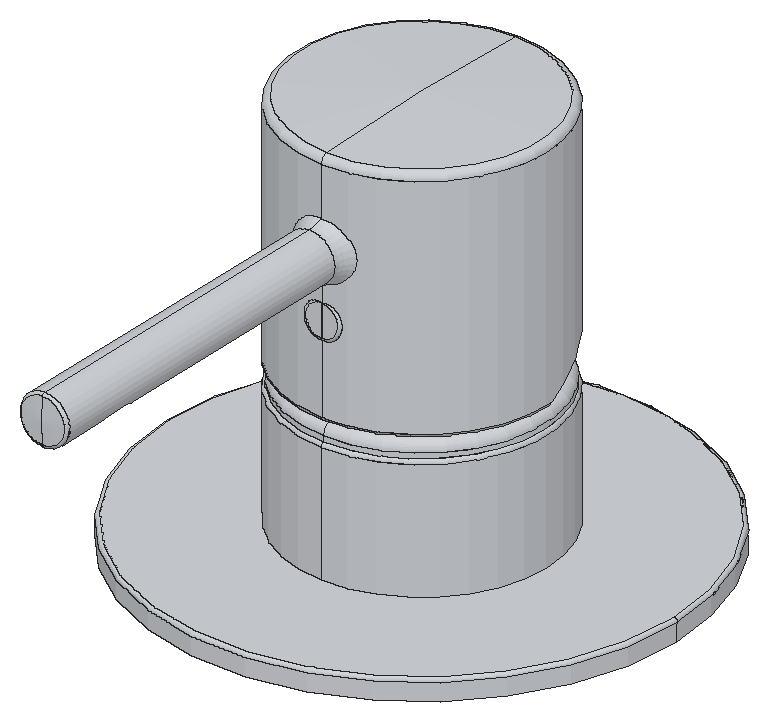
Revit family "Shower-Valve_Trim-KOHLER-CUFF-K-78997T", category Specialty Equipment, host Face, Revit 2017
Family settings
  Host = Face
  Round Connector Dimension = Use Diameter
  Part Type = Normal
  OmniClass Number = 23.31.25.00
  OmniClass Title = Toilet and Bath Specialties
  Cut with Voids When Loaded = No
  Shared = No
  Room Calculation Point = No
Parameters (values of type "CP- Polished Chrome")
  Width = 3 15/16"  # constant formula
  WaterSense Certified = 1 = 0  # no
  URL = "http://www.kohler.com.cn/"
  Type = 1
  Product Page URL = ""
  Product Name = "CUFF\r\n"  # constant formula
  Product Documentation Link = ""
  Model = "K-78997T-4-CP\r\n"  # constant formula
  Material = "Premium Metal Construction"  # constant formula
  Master Format 2014 Name = "Toilet, Bath, and Laundry Accessories"  # constant formula
  Master Format 2014 = "10 28 00"  # constant formula
  Manufacturer Address = "Kohler Beijing Office (100016) 36-2-03-B, No. 88, Liuxiang Road, Beijing"  # constant formula
  Manufacturer = "KOHLER Co."  # constant formula
  Length = 3 7/64"  # constant formula
  Height = 3.93701"  # constant formula
  Handle Clearance = 3.6604"
  Finish = Kohler-Metal-CP-Polished_Chrome
  Environmental Product Declaration = ""
  Description = "THIN SHOWER ONLY TRIM KIT"  # constant formula
  Default Elevation = 42"
  Declare Label = ""
  Date Modified = "10/08/2020"  # constant formula
  Date Created = "10/08/2020"  # constant formula
  Copyright = "Copyright KOHLER Co."  # constant formula
  Contact Us = "http://www.kohler.com.cn/contact/contact-us/"
  Assembly Code = "C1030200"
  ADA Compliant = 1 = 0  # no
Reference planes (in)
  plane 1 "Center (Front/Back)": y = 0
  plane 2: z = 0
  plane 3 "Center (Left/Right)": x = 0
  plane 4: x = 1.9685
  plane 5: y = 1.9685
  plane 6: y = 0.96457
  plane 7: x = 0.96457
  plane 8: y = -3.6604
  plane 9: y = -1.9685
  plane 10: y = -0.96457
  plane 11: x = -0.96457
  plane 12: x = -1.969
  plane 13: z = 2.62336
  plane 14: z = 2.24922
  plane 15: z = 2.43623
  plane 16: z = 0.15748
  plane 17: z = 3.10937
Dimensions and locks (in)
  "Width": plane 12 to plane 4
  "Height": plane 5 to plane 9
  "Length": plane 17 to plane 2
  "Handle Clearance": plane 1 "Center (Front/Back)" to plane 8
  aligned and locked: plane 2 to host face
  aligned and locked: level to host face
Automatic sketch dimensions
  host sketch curve to host sketch curve = 96"  (x2)
Nested families (in)
  nested 1: "K-78997T" at (0, 0, 0), type "K-78997T"
Definition of nested family "K-78997T"
  Parameters (values of type "K-78997T")
    Material = none
  Reference planes (in)
    plane 1 "Center (Front/Back)": y = 0
    plane 2: z = 0
    plane 3 "Center (Left/Right)": x = 0
    plane 4: y = 1.9685
    plane 5: x = 1.9685
    plane 6: x = -1.9685
    plane 7: y = -1.9685
    plane 8: y = -3.66142
    plane 9: y = 0.96457
    plane 10: x = 0.96457
    plane 11: x = -0.96457
    plane 12: y = -0.96457
    plane 13: z = 0.15748
    plane 14: z = 3.11024
    plane 15: z = 2.62336
    plane 16: z = 2.24922
    plane 17: z = 2.43623
  Forms (in)
    Sweep 1, solid, material <- "Material", detail levels medium+fine
      path origin (0, 0, 0) x (1, 0, 0) y (0, 1, 0)
        loop
          circle (0, 0) r 1.9685
      profile origin (0, 1.9685, 0) x (0, -1, 0) y (0, 0, 1)
        loop
          line (0, 0) -> (0.08934, 0) -> (0.08934, 0.15748) -> (0.02608, 0.15748)
          arc (0.02608, 0.15748) -> (0.00764, 0.14984) -> (0, 0.1314) r 0.02608
          line (0, 0.1314) -> (0, 0)
    Extrusion 2, solid, material <- "Material", detail levels medium+fine
      sketch origin (0, 0, 0) x (1, 0, 0) y (0, 1, 0)
        loop
          circle (0, 0) r 1.87917
      from 0 to 0.15748
    Revolve 3, solid, material <- "Material", detail levels medium+fine
      sketch origin (0, 0, 0.00058) x (0, 1, 0) y (0, 0, 1)
        loop
          line (0.96457, 0.15287) -> (0.96457, 1.07146)
          arc (0.96457, 1.07146) -> (0.95923, 1.0898) -> (0.94488, 1.1024) r 0.03416
          line (0.94488, 1.1024) -> (0.94488, 1.14211)
          arc (0.94488, 1.14211) -> (0.92249, 1.19724) -> (0.86799, 1.22115) r 0.07907
          arc (0.86799, 1.22115) -> (0.81693, 1.2429) -> (0.79441, 1.29362) r 0.07574
          arc (0.79441, 1.29362) -> (0.54964, 1.83096) -> (0, 2.04671) r 0.78679
          line (0, 2.04671) -> (0, 0.15287) -> (0.96457, 0.15287)
        axis (0, 0.15287) -> (0, 2.04671)
      angle from 0 to 360
    Revolve 4, solid, material <- "Material", detail levels medium+fine
      sketch origin (0, 0, 0.07853) x (0, 1, 0) y (0, 0, 1)
        loop
          line (0, 1.17991) -> (0, 3.0315)
          arc (0, 3.0315) -> (-0.45559, 3.02342) -> (-0.91087, 3.00491) r 19.91393
          arc (-0.91087, 3.00491) -> (-0.949, 2.98734) -> (-0.96457, 2.94834) r 0.05665
          line (-0.96457, 2.94834) -> (-0.96457, 1.20271)
          arc (-0.96457, 1.20271) -> (-0.95789, 1.18659) -> (-0.94177, 1.17991) r 0.0228
          line (-0.94177, 1.17991) -> (0, 1.17991)
        axis (0, 3.0315) -> (0, 1.17991)
      angle from 0 to 360
    Extrusion 5, void, detail levels medium+fine
      sketch origin (0, 0, 0) x (0, 1, 0) y (0, 0, 1)
        loop
          line (0, 1.25844) -> (1.09421, 1.25844) -> (1.09421, 1.76868) -> (0, 1.25844)
      from -1.19728 to 1.24555
    Revolve 6, solid, material <- "Material", detail levels medium+fine
      sketch origin (0, 0, 0) x (0, 1, 0) y (0, 0, 1)
        loop
          line (-3.66142, 2.43623) -> (-0.87158, 2.43623) -> (-0.87158, 2.80037)
          arc (-0.87158, 2.80037) -> (-0.941, 2.67375) -> (-1.07632, 2.62336) r 0.20691
          line (-1.07632, 2.62336) -> (-3.62923, 2.62336)
          arc (-3.62923, 2.62336) -> (-3.64363, 2.6179) -> (-3.65081, 2.60427) r 0.02174
          arc (-3.65081, 2.60427) -> (-3.6586, 2.52041) -> (-3.66142, 2.43623) r 1.4247
        axis (-3.66142, 2.43623) -> (-0.87158, 2.43623)
      angle from 0 to 360
    Revolve 7, solid, material <- "Material", detail levels medium+fine
      sketch origin (0, 0, 0) x (0, 1, 0) y (0, 0, 1)
        loop
          line (-0.96457, 1.94837) -> (-0.86843, 1.94837) -> (-0.86843, 2.09205) -> (-0.94467, 2.09205)
          arc (-0.94467, 2.09205) -> (-0.95874, 2.08622) -> (-0.96457, 2.07215) r 0.0199
          line (-0.96457, 2.07215) -> (-0.96457, 1.94837)
        axis (-0.96457, 1.94837) -> (-0.86843, 1.94837)
      angle from 0 to 360
    Extrusion 8, void, detail levels medium+fine
      sketch origin (0, 0, 0) x (0, 1, 0) y (0, 0, 1)
        loop
          arc (-2.82994, 2.23076) -> (-2.88796, 2.28587) -> (-2.95901, 2.32267) r 0.28493
          arc (-2.95901, 2.32267) -> (-3.0676, 2.34312) -> (-3.17738, 2.33038) r 0.36766
          arc (-3.17738, 2.33038) -> (-3.30675, 2.28744) -> (-3.43072, 2.23076) r 1.25987
          line (-3.43072, 2.23076) -> (-2.82994, 2.23076)
      from -0.42356 to 0.42248
    Extrusion 9, solid, material <- "Material", detail levels coarse
      sketch origin (0, 0, 0) x (1, 0, 0) y (0, 1, 0)
        loop
          circle (0, 0) r 1.9685
      from 0 to 0.21588
    Revolve 10, solid, material <- "Material", detail levels coarse
      sketch origin (0, 0, 0) x (0, 1, 0) y (0, 0, 1)
        loop
          line (0, 0.21588) -> (0, 3.22215) -> (-0.98425, 3.22215) -> (-0.98425, 0.21588) -> (0, 0.21588)
        axis (0, 3.22215) -> (0, 0.21588)
      angle from 0 to 360
    Extrusion 11, solid, material <- "Material", detail levels coarse
      sketch origin (0, 0, 0) x (1, 0, 0) y (0, 0, 1)
        loop
          circle (0, 2.43623) r 0.22421
      from 0 to 3.87029
  Cuts and joins
    Extrusion 5 cuts Sweep 1
    Extrusion 5 cuts Extrusion 2
    Extrusion 5 cuts Revolve 4
    Extrusion 8 cuts Revolve 6
    joined: Sweep 1, Extrusion 2, Revolve 3, Revolve 4, Revolve 6
    joined: Extrusion 9, Revolve 10, Extrusion 11
  Lines and regions (in)
    Masking region 1
      outline origin (0, 0, 0) x (0, 1, 0) y (0, 0, 1)
        loop
          line (1.9685, 0) -> (1.9685, 0.13094)
          arc (1.9685, 0.13094) -> (1.96073, 0.14971) -> (1.94196, 0.15748) r 0.02654
          line (1.94196, 0.15748) -> (0.96457, 0.15748) -> (0.96457, 1.07223)
          arc (0.96457, 1.07223) -> (0.95922, 1.09049) -> (0.94488, 1.10298) r 0.03387
          line (0.94488, 1.10298) -> (0.94488, 1.143)
          arc (0.94488, 1.143) -> (0.92194, 1.19891) -> (0.86634, 1.22261) r 0.07962
          arc (0.86634, 1.22261) -> (0.81595, 1.24366) -> (0.79416, 1.29372) r 0.0732
          arc (0.79416, 1.29372) -> (0.77285, 1.44803) -> (0.71874, 1.5941) r 0.71727
          line (0.71874, 1.5941) -> (0.9645, 1.7087) -> (0.9645, 3.02791)
          arc (0.9645, 3.02791) -> (0.94934, 3.06579) -> (0.91223, 3.08274) r 0.05489
          arc (0.91223, 3.08274) -> (0.45623, 3.10049) -> (0, 3.11024) r 26.02529
          arc (0, 3.11024) -> (-0.45623, 3.10049) -> (-0.91223, 3.08274) r 26.02529
          arc (-0.91223, 3.08274) -> (-0.94934, 3.06579) -> (-0.9645, 3.02791) r 0.05489
          line (-0.9645, 3.02791) -> (-0.9645, 2.70256)
          arc (-0.9645, 2.70256) -> (-0.9877, 2.64656) -> (-1.0437, 2.62336) r 0.0792
          line (-1.0437, 2.62336) -> (-3.62943, 2.62336)
          arc (-3.62943, 2.62336) -> (-3.6436, 2.61799) -> (-3.65067, 2.60459) r 0.0214
          arc (-3.65067, 2.60459) -> (-3.65854, 2.52057) -> (-3.66142, 2.43623) r 1.42337
          arc (-3.66142, 2.43623) -> (-3.65854, 2.35189) -> (-3.65067, 2.26787) r 1.42337
          arc (-3.65067, 2.26787) -> (-3.6436, 2.25446) -> (-3.62943, 2.24909) r 0.0214
          line (-3.62943, 2.24909) -> (-3.39434, 2.24909)
          arc (-3.39434, 2.24909) -> (-3.28777, 2.29483) -> (-3.17737, 2.33036) r 1.23355
          arc (-3.17737, 2.33036) -> (-3.06761, 2.34299) -> (-2.95901, 2.32267) r 0.37019
          arc (-2.95901, 2.32267) -> (-2.89793, 2.29275) -> (-2.84579, 2.24909) r 0.28236
          line (-2.84579, 2.24909) -> (-1.0437, 2.24909)
          arc (-1.0437, 2.24909) -> (-0.9877, 2.22589) -> (-0.9645, 2.16989) r 0.0792
          line (-0.9645, 2.16989) -> (-0.9645, 1.2814)
          arc (-0.9645, 1.2814) -> (-0.95775, 1.26512) -> (-0.94147, 1.25838) r 0.02302
          line (-0.94147, 1.25838) -> (-0.80442, 1.25838)
          arc (-0.80442, 1.25838) -> (-0.83071, 1.23242) -> (-0.86634, 1.22261) r 0.0732
          arc (-0.86634, 1.22261) -> (-0.92194, 1.19891) -> (-0.94488, 1.143) r 0.07962
          line (-0.94488, 1.143) -> (-0.94488, 1.10298)
          arc (-0.94488, 1.10298) -> (-0.95922, 1.09049) -> (-0.96457, 1.07223) r 0.03387
          line (-0.96457, 1.07223) -> (-0.96457, 0.15748) -> (-1.94196, 0.15748)
          arc (-1.94196, 0.15748) -> (-1.96073, 0.14971) -> (-1.9685, 0.13094) r 0.02654
          line (-1.9685, 0.13094) -> (-1.9685, 0) -> (1.9685, 0)
    Masking region 2
      outline origin (0, 0, 0) x (1, 0, 0) y (0, 0, 1)
        loop
          line (1.9685, 0) -> (1.9685, 0.13031)
          arc (1.9685, 0.13031) -> (1.96055, 0.14952) -> (1.94133, 0.15748) r 0.02717
          line (1.94133, 0.15748) -> (0.96457, 0.15748) -> (0.96457, 1.0715)
          arc (0.96457, 1.0715) -> (0.95924, 1.09006) -> (0.94488, 1.10298) r 0.03502
          line (0.94488, 1.10298) -> (0.94488, 1.14378)
          arc (0.94488, 1.14378) -> (0.92209, 1.19882) -> (0.86706, 1.22161) r 0.07783
          arc (0.86706, 1.22161) -> (0.83104, 1.23152) -> (0.80515, 1.25844) r 0.07044
          line (0.80515, 1.25844) -> (0.94177, 1.25844)
          arc (0.94177, 1.25844) -> (0.95848, 1.26571) -> (0.96457, 1.28289) r 0.02285
          line (0.96457, 1.28289) -> (0.96457, 3.02688)
          arc (0.96457, 3.02688) -> (0.94885, 3.06621) -> (0.91035, 3.08386) r 0.05705
          arc (0.91035, 3.08386) -> (0.45531, 3.10173) -> (0, 3.11024) r 22.15444
          arc (0, 3.11024) -> (-0.45531, 3.10173) -> (-0.91035, 3.08386) r 22.15444
          arc (-0.91035, 3.08386) -> (-0.94885, 3.06621) -> (-0.96457, 3.02688) r 0.05705
          line (-0.96457, 3.02688) -> (-0.96457, 1.28289)
          arc (-0.96457, 1.28289) -> (-0.95848, 1.26571) -> (-0.94177, 1.25844) r 0.02285
          line (-0.94177, 1.25844) -> (-0.80515, 1.25844)
          arc (-0.80515, 1.25844) -> (-0.83104, 1.23152) -> (-0.86706, 1.22161) r 0.07044
          arc (-0.86706, 1.22161) -> (-0.92209, 1.19882) -> (-0.94488, 1.14378) r 0.07783
          line (-0.94488, 1.14378) -> (-0.94488, 1.10298)
          arc (-0.94488, 1.10298) -> (-0.95924, 1.09006) -> (-0.96457, 1.0715) r 0.03502
          line (-0.96457, 1.0715) -> (-0.96457, 0.15748) -> (-1.94133, 0.15748)
          arc (-1.94133, 0.15748) -> (-1.96055, 0.14952) -> (-1.9685, 0.13031) r 0.02717
          line (-1.9685, 0.13031) -> (-1.9685, 0) -> (1.9685, 0)
    Masking region 3
      outline origin (0, 0, 0) x (1, 0, 0) y (0, 1, 0)
        loop
          arc (0.18678, -1.95962) -> (0, 1.9685) -> (-0.18678, -1.95962) r 1.9685
          line (-0.18678, -1.95962) -> (-0.18678, -3.62833)
          arc (-0.18678, -3.62833) -> (-0.18109, -3.64341) -> (-0.16685, -3.65097) r 0.02282
          arc (-0.16685, -3.65097) -> (-0.0836, -3.65889) -> (0, -3.66142) r 1.29433
          arc (0, -3.66142) -> (0.0836, -3.65889) -> (0.16685, -3.65097) r 1.29433
          arc (0.16685, -3.65097) -> (0.18109, -3.64341) -> (0.18678, -3.62833) r 0.02282
          line (0.18678, -3.62833) -> (0.18678, -1.95962)
    symbolic lines, detail levels medium+fine
      curve 1: line (0, 0.96457, 0.15748) -> (0, -0.96457, 0.15748)
      curve 2: line (0, 0.94488, 1.10298) -> (0, -0.94488, 1.10298)
      curve 3: line (0, 0.86634, 1.22261) -> (0, -0.86634, 1.22261)
      curve 4: line (0, -0.80442, 1.25838) -> (0, 0.00047, 1.25838)
      curve 5: line (0, 0.00047, 1.25838) -> (0, 0.7141, 1.59115)
      curve 6: line (0, 0.91223, 3.08274) -> (0, -0.91223, 3.08274)
      curve 7: line (0, 0.9645, 3.02791) -> (0, -0.9645, 3.02791)
      curve 8: arc (0, -0.9645, 2.16989) -> (0, -0.93327, 2.43623) -> (0, -0.9645, 2.70256) r 1.15145
      curve 9: line (0, -3.62943, 2.24909) -> (0, -3.62943, 2.62336)
      curve 10: line (0.96457, 0, 0.15748) -> (-0.96457, 0, 0.15748)
      curve 11: line (0.94488, 0, 1.10298) -> (-0.94488, 0, 1.10298)
      curve 12: line (0.86706, 0, 1.22161) -> (-0.86706, 0, 1.22161)
      curve 13: arc (0, 0, 1.71029) -> (0.23263, 0, 1.69551) -> (0.46193, 0, 1.6536) r 1.988
      curve 14: arc (0.46193, 0, 1.6536) -> (0.63927, 0, 1.59429) -> (0.8043, 0, 1.50637) r 1.12296
      curve 15: arc (0.8043, 0, 1.50637) -> (0.88616, 0, 1.43633) -> (0.94638, 0, 1.347) r 0.40046
      curve 16: arc (0.94638, 0, 1.347) -> (0.95911, 0, 1.31125) -> (0.96326, 0, 1.27353) r 0.16364
      curve 17: arc (0, 0, 1.59451) -> (0.24123, 0, 1.57875) -> (0.47746, 0, 1.52741) r 1.62684
      curve 18: arc (0.47746, 0, 1.52741) -> (0.58753, 0, 1.48506) -> (0.68957, 0, 1.42593) r 0.74785
      curve 19: arc (0.68957, 0, 1.42593) -> (0.74212, 0, 1.37918) -> (0.78172, 0, 1.32105) r 0.28679
      curve 20: arc (0.78172, 0, 1.32105) -> (0.78872, 0, 1.30515) -> (0.79378, 0, 1.28853) r 0.145
      curve 21: arc (0.79378, 0, 1.28853) -> (0.79851, 0, 1.27313) -> (0.80515, 0, 1.25844) r 0.12768
      curve 22: line (0.91035, 0, 3.08386) -> (-0.91035, 0, 3.08386)
      curve 23: line (0.96457, 0, 3.02688) -> (-0.96457, 0, 3.02688)
      curve 24: arc (0, 0, 1.71029) -> (-0.23263, 0, 1.69551) -> (-0.46193, 0, 1.6536) r 1.988
      curve 25: arc (-0.46193, 0, 1.6536) -> (-0.63927, 0, 1.59429) -> (-0.8043, 0, 1.50637) r 1.12296
      curve 26: arc (-0.8043, 0, 1.50637) -> (-0.88616, 0, 1.43633) -> (-0.94638, 0, 1.347) r 0.40046
      curve 27: arc (-0.94638, 0, 1.347) -> (-0.95911, 0, 1.31125) -> (-0.96326, 0, 1.27353) r 0.16364
      curve 28: arc (0, 0, 1.59451) -> (-0.24123, 0, 1.57875) -> (-0.47746, 0, 1.52741) r 1.62684
      curve 29: arc (-0.47746, 0, 1.52741) -> (-0.58753, 0, 1.48506) -> (-0.68957, 0, 1.42593) r 0.74785
      curve 30: arc (-0.68957, 0, 1.42593) -> (-0.74212, 0, 1.37918) -> (-0.78172, 0, 1.32105) r 0.28679
      curve 31: arc (-0.78172, 0, 1.32105) -> (-0.78872, 0, 1.30515) -> (-0.79378, 0, 1.28853) r 0.145
      curve 32: arc (-0.79378, 0, 1.28853) -> (-0.79851, 0, 1.27313) -> (-0.80515, 0, 1.25844) r 0.12768
      curve 33: circle (0, 0, 0) r 0.96457 normal (0, 0, 1)
      curve 34: line (0.18678, -1.95962, 0) -> (0.18678, -1.07418, 0)
      curve 35: arc (0.18678, -1.07418, 0) -> (0.21834, -0.97678, 0) -> (0.30103, -0.91639, 0) r 0.16609
      curve 36: line (-0.18678, -1.95962, 0) -> (-0.18678, -1.07418, 0)
      curve 37: arc (-0.18678, -1.07418, 0) -> (-0.21834, -0.97678, 0) -> (-0.30103, -0.91639, 0) r 0.16609
  Dimensions and locks (in)
    aligned and locked: plane 2 to level
